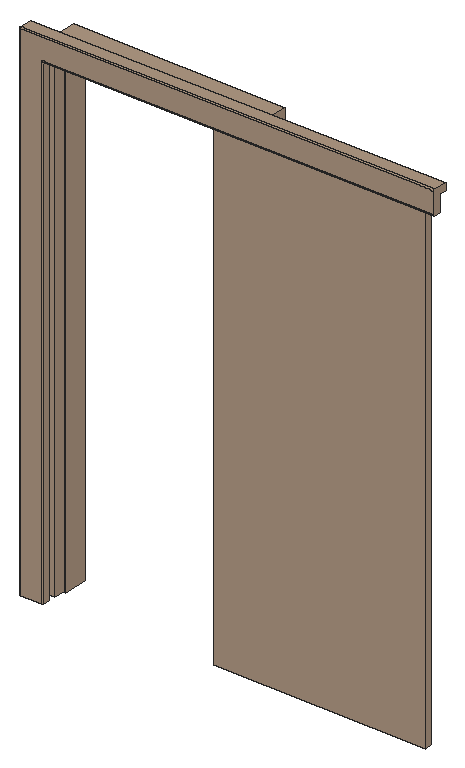
Revit family "Porta de correr", category Doors, host Wall, Revit 2016
Family settings
  Host = Wall
  OmniClass Number = 23.30.10.00
  OmniClass Title = Doors
  Always vertical = Yes
  Cut with Voids When Loaded = No
  Shared = No
  Room Calculation Point = No
Parameters (values of type "90 x 210")
  Thickness = 3 cm
  Marco = Madeira Esquadria
  Manufacturer = "Leroy Merlin"
  Largura alisar = 10 cm
  Folha = Madeira Esquadria
  Function = Interior
  Height = 210 cm
  Wall Closure = By host
  Width = 90 cm
  Espessura Marco = 5 cm
  Cost = 450
  Analytic Construction = "<None>"
  Alisar = Madeira Esquadria
  Abertura da folha [instance] = 70 cm
Reference planes (cm)
  plane 1: y = 0
  plane 2 "Centro (Esquerda/Direita)": x = 0
  plane 3 "Esquerda": x = -45
  plane 4 "Direita": x = 45
  plane 5: z = 210
  plane 6 "Exterior": y = 7.5
  plane 7 "Interior": y = -7.5
Forms (cm)
  Sweep 1, solid, material "Madeira Esquadria" <- "Marco"
    path in 3D
      loop
        line (45, 7.5, 0) -> (45, 7.5, 210) -> (-45, 7.5, 210) -> (-45, 7.5, 0)
    profile origin (45, 7.5, 105) x (0, 1, 0) y (-1, 0, 0)
      loop
        line (-15, 0) -> (0, 0) -> (0, 5) -> (-10, 5) -> (-10, 4) -> (-15, 4) -> (-15, 0)
  Sweep 2, solid, material "Madeira Esquadria" <- "Alisar"
    path origin (0, -7.5, 0) x (1, 0, 0) y (0, 0, 1)
      loop
        line (-41, 0) -> (-41, 206) -> (125, 206)
    profile origin (-41, -7.5, 103) x (-1, 0, 0) y (0, -1, 0)
      loop
        line (9.5, 6) -> (0.5, 6)
        arc (0.5, 6) -> (0.1464, 5.8536) -> (0, 5.5) r 0.5
        line (0, 5.5) -> (0, 3) -> (7, 3) -> (7, 0) -> (10, 0) -> (10, 5.5)
        arc (10, 5.5) -> (9.8536, 5.8536) -> (9.5, 6) r 0.5
  Extrusion 3, solid, material "Madeira Esquadria" <- "Folha"
    sketch origin (0, -7.5, 0) x (1, 0, 0) y (0, 0, 1)
      loop
        line (119, 0) -> (119, 206) -> (29, 206) -> (29, 0) -> (119, 0)
    from 0 to 3
Lines and regions (cm)
  Opening 1
    outline origin (-305, -7.5, 0) x (1, 0, 0) y (0, 0, 1)
      loop
        line (260, 0) -> (350, 0) -> (350, 210) -> (260, 210) -> (260, 0)
  sketch lines
    curve 1: line (45, 7.5, 0) -> (45, 7.5, 210)
    curve 2: line (45, 7.5, 210) -> (-45, 7.5, 210)
    curve 3: line (-45, 7.5, 210) -> (-45, 7.5, 0)
  symbolic lines
    curve 4: line (-11, -7.5, 88.8143) -> (11, -7.5, 88.8143)
    curve 5: line (11, -7.5, 88.8143) -> (3.9289, -7.5, 81.7433)
    curve 6: line (11, -7.5, 88.8143) -> (3.9289, -7.5, 95.8854)
  symbolic lines, not visible
    curve 7: line (84.7208, -7.5, 105.3591) -> (62.7208, -7.5, 105.3591)
    curve 8: line (62.7208, -7.5, 105.3591) -> (69.7918, -7.5, 112.4302)
    curve 9: line (62.7208, -7.5, 105.3591) -> (69.7918, -7.5, 98.2881)
Text (cm)
  text "Exterior" at (-229.5016, 109.9543, 0), in view "Nível de referência"
  text "Exterior" at (0, 161.538, 369.8081), in view "Esquerda"
  text "Exterior" at (0, 103.6032, 387.4932), in view "Direita"
  text "Desenvolvido por Fernando Goes\n\ncontato: fernandogoes@outlook.com\n\ninstagram: @caradorevit" at (-52.5109, -131.4632, -78.9523), in view "Vista 1"
Dimensions and locks (cm)
  equal spacing: plane 3 "Esquerda", plane 2 "Centro (Esquerda/Direita)", plane 4 "Direita"
  "Width": plane 3 "Esquerda" to plane 4 "Direita"
  "Height": plane 5 to host wall
  host wall to plane 5 = 210 cm  (x2)
  locked: plane 6 "Exterior" to host wall at 0
  locked: plane 7 "Interior" to host wall
  "Espessura Marco": Sweep 1 sketch curve to Sweep 1 sketch curve
  locked: Sweep 1 sketch curve to Sweep 1 sketch curve at 1
  "Width": Extrusion 3 sketch curve to Extrusion 3 sketch curve
  "Abertura da folha": Extrusion 3 sketch curve to Sweep 1
  "Thickness": Sweep 2 sketch curve to Sweep 2 sketch curve
  locked: Sweep 2 sketch curve to Sweep 2 sketch curve at 3
  "Largura alisar": Sweep 2 sketch curve to Sweep 2 sketch curve
  aligned and locked: plane 3 "Esquerda" to Opening 1 sketch curve
  aligned and locked: plane 5 to Opening 1 sketch curve  (x2)
  aligned and locked: Opening 1 sketch curve to plane 4 "Direita"
  aligned and locked: Opening 1 sketch curve to level
  aligned and locked: plane 1 to host wall
  aligned and locked: plane 4 "Direita" to Sweep 1 sketch curve
  aligned and locked: plane 6 "Exterior" to Sweep 1 sketch curve
  aligned and locked: Sweep 1 sketch curve to plane 7 "Interior"
  aligned and locked: Sweep 2 sketch curve to Sweep 1  (x2)
  aligned and locked: level to Extrusion 3 sketch curve
  aligned and locked: Extrusion 3 to Sweep 2  (x2)
  aligned and locked: plane 7 "Interior" to Sweep 2 sketch curve
  aligned and locked: profile plane to Sweep 2 sketch curve
  aligned and locked: Extrusion 3 to plane 7 "Interior"
Automatic sketch dimensions
  Sweep 2 sketch curve to level = 0 cm
  Sweep 2 sketch curve to plane 4 "Direita" = 80 cm
  Sweep 1 sketch curve to Sweep 1 sketch curve = 5 cm
  Sweep 2 sketch curve to profile plane = 0.5 cm
  Sweep 2 sketch curve to Sweep 2 sketch curve = 0.5 cm
  Sweep 2 sketch curve to Sweep 2 sketch curve = 2.5 cm
  plane 5 to Extrusion 3 sketch curve = 4 cm
